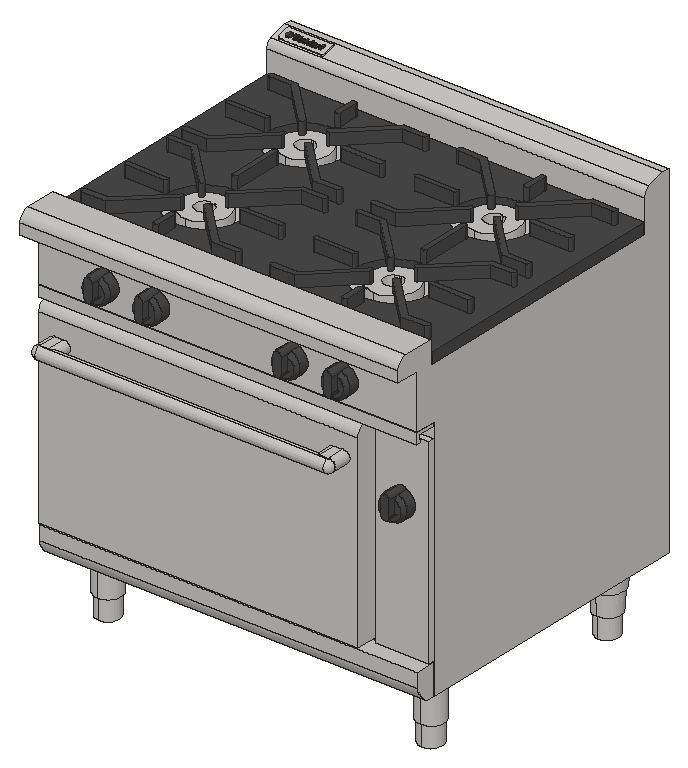
Revit family "QF_MOFFAT WALDORF_RNL8910GC", category Specialty Equipment, Revit 2012
Parameters
  Width = 900 mm
  Weight in Pounds = 215
  Watts = 130 W
  Volts = 240 V
  URL Cutsheet = "www.moffat.com"
  URL = "www.moffat.com"
  Type Mark [instance] = ""
  Status [instance] = ""
  Specification by User [instance] = ""
  Specification by Manufacturer = ""
  Show Logo [instance] = yes
  Show Clearance [instance] = yes
  Serial Number = ""
  Seismic Rating = ""
  SMACNA No = ""
  Revision Code [instance] = ""
  Plumbing Remarks = ""
  Plumbing Connection Type [instance] = ""
  Phase = 1
  Omniclass Number and Title = ""
  Number of Poles [instance] = 1
  NAFEM Spec ID Number = ""
  Model = "RNL8910GC"
  Min Ckt Ampacity = 0 A
  Mechanical Remarks = ""
  Mechanical Connection Type [instance] = ""
  Max Overcurrent Protection = 0 A
  Masterspec = ""
  Manufacturer = "MOFFAT WALDORF"
  Item Number [instance] = ""
  Installed By [instance] = ""
  Identify Quantity as Lot [instance] = yes
  Height = 970 mm
  HP = ""
  Gas Size = 3/4"
  Gas RI Height [instance] = 0 mm
  Gas KW [instance] = 40
  Gas Input [instance] = 134590.0 Btu/h
  Gas Connection Height = 0 mm
  Furnished By [instance] = ""
  Foodservice Equipment Identifier [instance] = yes
  FL Amps = 0.06 A
  Electrical Remarks [instance] = ""
  Electric Connection Type [instance] = ""
  Elec Conn RI Height [instance] = 0 mm
  Elec Conn Connection Height [instance] = 0 mm
  Description = "RANGE LOW SPLASHBACK GAS WITH CONVECTION OVEN"
  Depth = 805 mm
  Cycle = 50 Hz
  Conn Plug = ""
  Conn Conduit = yes
  Cold Water Temperature Recommended = -459.67 °F
  Cold Water Size = 1/2"
  Cold Water RI Height [instance] = 0 mm
  Cold Water Minimum Pressure = 0.00 psi
  Cold Water Maximum Pressure = 0.00 psi
  Cold Water Flow = 0 GPM
  Cold Water Consumption = ""
  Cold Water Connection Height = 0 mm
  CSI MasterFormat = ""
  CSI Master Format = ""
  Body Finish = QF_Finishes_Stainless Steel
  Apparent Power = 0 VA
Reference planes
  plane 1 "BACK": y = 0
  plane 2: z = 0
  plane 3 "LEFT": x = 0
  plane 4 "RIGHT": x = 900
  plane 5 "FRONT": y = -805
  plane 6 "TOP": z = 970
  plane 7 "Center Y": x = 450
  plane 8 "Center X": y = -402.5
  plane 9: x = 280
  plane 10: y = -574.272
  plane 11: x = 60
  plane 12: y = -304.972
  plane 13: y = -364.972
  plane 14: x = 74
  plane 15: y = -805
  plane 16: x = 834.5
  plane 17: y = -32
  plane 18: z = 655
  plane 19: x = 65.8
Forms (mm)
  Extrusion 1, solid, material "QF_Finishes_Stainless Steel" <- "Body Finish"
    sketch origin (0, 0, 0) x (0, 1, 0) y (0, 0, 1)
      loop
        line (0, 150) -> (0, 970) -> (-16.5, 970) -> (-58.709, 958.69)
        arc (-58.709, 958.69) -> (-66.975, 950.425) -> (-70, 939.134) r 22.582
        line (-70, 939.134) -> (-70, 861.8) -> (-709, 861.8) -> (-709, 915) -> (-781, 915)
        arc (-781, 915) -> (-797.971, 907.971) -> (-805, 891) r 24
        line (-805, 891) -> (-805, 866) -> (-749, 866) -> (-749, 736.219) -> (-696.73, 736.219) -> (-696.73, 150) -> (0, 150)
      loop
        line (-700.93, 150.071) -> (-700.93, 222.5) -> (-746.73, 222.5) -> (-746.73, 188)
        arc (-746.73, 188) -> (-731.317, 159.995) -> (-700.93, 150.071) r 43.526
      loop
        line (-749, 710) -> (-740.224, 710) -> (-742.613, 726.999) -> (-700.93, 726.999) -> (-700.93, 734.003) -> (-749, 734.003) -> (-749, 710)
    from 0 to 900
  Extrusion 2, solid, material "QF_Finishes_Stainless Steel"
    sketch origin (0, 0, 0) x (0, 1, 0) y (0, 0, 1)
      loop
        line (-699, 700) -> (-725, 700)
        arc (-725, 700) -> (-741.971, 692.971) -> (-749, 676) r 24
        line (-749, 676) -> (-749, 227.5) -> (-699, 227.5) -> (-699, 700)
    from 0 to 760
  Extrusion 3, solid, material "QF_Finishes_Stainless Steel"
    sketch origin (723.5, 0, 0) x (0, 1, 0) y (0, 0, 1)
      loop
        line (-699, 700) -> (-714, 700) -> (-714, 227.5) -> (-699, 227.5) -> (-699, 700)
    from 51.5 to 176.5
  Revolve 4, solid, material "QF_Finishes_Stainless Steel" <- "Body Finish"
    sketch origin (834.5, -165, 0) x (0, 1, 0) y (0, 0, -1)
      loop
        line (33.25, -50) -> (31.418, -102.468) -> (26.406, -102.468) -> (22.247, -150) -> (65, -150) -> (65, 0) -> (37.5, 0) -> (37.5, -50) -> (33.25, -50)
      axis (65, -150) -> (65, 0)
    angle from 0 to 360
  Revolve 5, solid, material "QF_Finishes_Stainless Steel" <- "Body Finish"
    sketch origin (834.5, -696.126, 0) x (0, 1, 0) y (0, 0, -1)
      loop
        line (39.376, -150) -> (71.126, -150) -> (71.126, 0) -> (43.626, 0) -> (43.626, -50) -> (39.376, -50) -> (39.376, -150)
      axis (71.126, -150) -> (71.126, 0)
    angle from 0 to 360
  Revolve 6, solid, material "QF_Finishes_Stainless Steel" <- "Body Finish"
    sketch origin (65.5, -165, 0) x (0, 1, 0) y (0, 0, 1)
      loop
        line (31.418, 102.468) -> (33.25, 50) -> (37.5, 50) -> (37.5, 0) -> (65, 0) -> (65, 150) -> (22.247, 150) -> (26.406, 102.468) -> (31.418, 102.468)
      axis (65, 150) -> (65, 0)
    angle from 0 to 360
  Revolve 7, solid, material "QF_Finishes_Stainless Steel" <- "Body Finish"
    sketch origin (65.5, -696.126, 0) x (0, 1, 0) y (0, 0, 1)
      loop
        line (39.376, 150) -> (39.376, 50) -> (43.626, 50) -> (43.626, 0) -> (71.126, 0) -> (71.126, 150) -> (39.376, 150)
      axis (71.126, 150) -> (71.126, 0)
    angle from 0 to 360
  Extrusion 8, solid, material "QF_Finishes_Stainless Steel"
    sketch origin (-64.5, 0, 325) x (1, 0, 0) y (0, 1, 0)
      loop
        circle (834.5, -32) r 10
    from 330 to 373.5
  Extrusion 9, solid, material "QF_Finishes_Black"
    sketch origin (0, -70, 861.8) x (0, -1, 0) y (1, 0, 0)
      loop
        arc (1, 4) -> (1.879, 1.879) -> (4, 1) r 3
        line (4, 1) -> (631, 1)
        arc (631, 1) -> (633.121, 1.879) -> (634, 4) r 3
        line (634, 4) -> (634, 897)
        arc (634, 897) -> (633.121, 899.121) -> (631, 900) r 3
        line (631, 900) -> (4, 900)
        arc (4, 900) -> (1.879, 899.121) -> (1, 897) r 3
        line (1, 897) -> (1, 4)
      loop
        circle (167.5, 225.387) r 85
      loop
        circle (467.768, 225.387) r 85
      loop
        circle (167.5, 674.613) r 85
      loop
        circle (467.768, 674.613) r 85
    from 0 to 25
  Extrusion 10, solid, material "QF_Finishes_Black"
    sketch origin (0, -70, 886.8) x (0, -1, 0) y (1, 0, 0)
      loop
        spline (375.602, 218.6) -> (376.896, 218.818) -> (378.102, 219.457) -> (379.138, 220.475) -> (379.932, 221.8) -> (380.432, 223.344) -> (380.602, 225) -> (380.432, 226.656) -> (379.932, 228.2) -> (379.138, 229.525) -> (378.102, 230.543) -> (376.896, 231.182) -> (375.602, 231.4)
        line (375.602, 231.4) -> (259.398, 231.4)
        spline (259.398, 231.4) -> (258.104, 231.182) -> (256.898, 230.543) -> (255.862, 229.525) -> (255.068, 228.2) -> (254.568, 226.656) -> (254.398, 225) -> (254.568, 223.344) -> (255.068, 221.8) -> (255.862, 220.475) -> (256.898, 219.457) -> (258.104, 218.818) -> (259.398, 218.6)
        line (259.398, 218.6) -> (375.602, 218.6)
      loop
        line (302.399, 350.848) -> (302.399, 408.117)
        arc (302.399, 408.117) -> (295.999, 414.517) -> (289.599, 408.117) r 6.4
        line (289.599, 408.117) -> (289.599, 356.15) -> (194.424, 260.975)
        spline (194.424, 260.975) -> (193.663, 259.905) -> (193.262, 258.601) -> (193.249, 257.149) -> (193.625, 255.65) -> (194.363, 254.205) -> (195.414, 252.914) -> (196.705, 251.863) -> (198.15, 251.125) -> (199.649, 250.749) -> (201.101, 250.762) -> (202.405, 251.163) -> (203.475, 251.924)
        line (203.475, 251.924) -> (302.399, 350.848)
      loop
        spline (161.1, 316.898) -> (161.318, 315.604) -> (161.957, 314.398) -> (162.975, 313.362) -> (164.3, 312.568) -> (165.844, 312.068) -> (167.5, 311.898) -> (169.156, 312.068) -> (170.7, 312.568) -> (172.025, 313.362) -> (173.043, 314.398) -> (173.682, 315.604) -> (173.9, 316.898)
        line (173.9, 316.898) -> (173.9, 408.102)
        spline (173.9, 408.102) -> (173.682, 409.396) -> (173.043, 410.602) -> (172.025, 411.638) -> (170.7, 412.432) -> (169.156, 412.932) -> (167.5, 413.102) -> (165.844, 412.932) -> (164.3, 412.432) -> (162.975, 411.638) -> (161.957, 410.602) -> (161.318, 409.396) -> (161.1, 408.102)
        line (161.1, 408.102) -> (161.1, 316.898)
      loop
        line (161.1, 133.102) -> (161.1, 41.898)
        spline (161.1, 41.898) -> (161.318, 40.604) -> (161.957, 39.398) -> (162.975, 38.362) -> (164.3, 37.568) -> (165.844, 37.068) -> (167.5, 36.898) -> (169.156, 37.068) -> (170.7, 37.568) -> (172.025, 38.362) -> (173.043, 39.398) -> (173.682, 40.604) -> (173.9, 41.898)
        line (173.9, 41.898) -> (173.9, 133.102)
        spline (173.9, 133.102) -> (173.682, 134.396) -> (173.043, 135.602) -> (172.025, 136.638) -> (170.7, 137.432) -> (169.156, 137.932) -> (167.5, 138.102) -> (165.844, 137.932) -> (164.3, 137.432) -> (162.975, 136.638) -> (161.957, 135.602) -> (161.318, 134.396) -> (161.1, 133.102)
      loop
        line (302.399, 99.152) -> (203.475, 198.076)
        spline (203.475, 198.076) -> (202.405, 198.837) -> (201.101, 199.238) -> (199.649, 199.251) -> (198.15, 198.875) -> (196.705, 198.137) -> (195.414, 197.086) -> (194.363, 195.795) -> (193.625, 194.35) -> (193.249, 192.851) -> (193.262, 191.399) -> (193.663, 190.095) -> (194.424, 189.025)
        line (194.424, 189.025) -> (289.599, 93.85) -> (289.599, 41.883)
        arc (289.599, 41.883) -> (295.999, 35.483) -> (302.399, 41.883) r 6.4
        line (302.399, 41.883) -> (302.399, 99.152)
      loop
        line (32.601, 350.848) -> (131.525, 251.924)
        spline (131.525, 251.924) -> (132.595, 251.163) -> (133.899, 250.762) -> (135.351, 250.749) -> (136.85, 251.125) -> (138.295, 251.863) -> (139.586, 252.914) -> (140.637, 254.205) -> (141.375, 255.65) -> (141.751, 257.149) -> (141.738, 258.601) -> (141.337, 259.905) -> (140.576, 260.975)
        line (140.576, 260.975) -> (45.401, 356.15) -> (45.401, 408.117)
        arc (45.401, 408.117) -> (39.001, 414.517) -> (32.601, 408.117) r 6.4
        line (32.601, 408.117) -> (32.601, 350.848)
      loop
        line (32.601, 99.152) -> (32.601, 41.883)
        arc (32.601, 41.883) -> (39.001, 35.483) -> (45.401, 41.883) r 6.4
        line (45.401, 41.883) -> (45.401, 93.85) -> (140.576, 189.025)
        spline (140.576, 189.025) -> (141.337, 190.095) -> (141.738, 191.399) -> (141.751, 192.851) -> (141.375, 194.35) -> (140.637, 195.795) -> (139.586, 197.086) -> (138.295, 198.137) -> (136.85, 198.875) -> (135.351, 199.251) -> (133.899, 199.238) -> (132.595, 198.837) -> (131.525, 198.076)
        line (131.525, 198.076) -> (32.601, 99.152)
      loop
        spline (70.602, 218.6) -> (71.896, 218.818) -> (73.102, 219.457) -> (74.138, 220.475) -> (74.932, 221.8) -> (75.432, 223.344) -> (75.602, 225) -> (75.432, 226.656) -> (74.932, 228.2) -> (74.138, 229.525) -> (73.102, 230.543) -> (71.896, 231.182) -> (70.602, 231.4)
        line (70.602, 231.4) -> (24.398, 231.4)
        spline (24.398, 231.4) -> (23.104, 231.182) -> (21.898, 230.543) -> (20.862, 229.525) -> (20.068, 228.2) -> (19.568, 226.656) -> (19.398, 225) -> (19.568, 223.344) -> (20.068, 221.8) -> (20.862, 220.475) -> (21.898, 219.457) -> (23.104, 218.818) -> (24.398, 218.6)
        line (24.398, 218.6) -> (70.602, 218.6)
      loop
        line (332.601, 350.848) -> (431.525, 251.924)
        spline (431.525, 251.924) -> (432.595, 251.163) -> (433.899, 250.762) -> (435.351, 250.749) -> (436.85, 251.125) -> (438.295, 251.863) -> (439.586, 252.914) -> (440.637, 254.205) -> (441.375, 255.65) -> (441.751, 257.149) -> (441.738, 258.601) -> (441.337, 259.905) -> (440.576, 260.975)
        line (440.576, 260.975) -> (345.401, 356.15) -> (345.401, 408.117)
        arc (345.401, 408.117) -> (339.001, 414.517) -> (332.601, 408.117) r 6.4
        line (332.601, 408.117) -> (332.601, 350.848)
      loop
        line (473.9, 316.898) -> (473.9, 408.102)
        spline (473.9, 408.102) -> (473.682, 409.396) -> (473.043, 410.602) -> (472.025, 411.638) -> (470.7, 412.432) -> (469.156, 412.932) -> (467.5, 413.102) -> (465.844, 412.932) -> (464.3, 412.432) -> (462.975, 411.638) -> (461.957, 410.602) -> (461.318, 409.396) -> (461.1, 408.102)
        line (461.1, 408.102) -> (461.1, 316.898)
        spline (461.1, 316.898) -> (461.318, 315.604) -> (461.957, 314.398) -> (462.975, 313.362) -> (464.3, 312.568) -> (465.844, 312.068) -> (467.5, 311.898) -> (469.156, 312.068) -> (470.7, 312.568) -> (472.025, 313.362) -> (473.043, 314.398) -> (473.682, 315.604) -> (473.9, 316.898)
      loop
        spline (473.9, 133.102) -> (473.682, 134.396) -> (473.043, 135.602) -> (472.025, 136.638) -> (470.7, 137.432) -> (469.156, 137.932) -> (467.5, 138.102) -> (465.844, 137.932) -> (464.3, 137.432) -> (462.975, 136.638) -> (461.957, 135.602) -> (461.318, 134.396) -> (461.1, 133.102)
        line (461.1, 133.102) -> (461.1, 41.898)
        spline (461.1, 41.898) -> (461.318, 40.604) -> (461.957, 39.398) -> (462.975, 38.362) -> (464.3, 37.568) -> (465.844, 37.068) -> (467.5, 36.898) -> (469.156, 37.068) -> (470.7, 37.568) -> (472.025, 38.362) -> (473.043, 39.398) -> (473.682, 40.604) -> (473.9, 41.898)
        line (473.9, 41.898) -> (473.9, 133.102)
      loop
        line (332.601, 99.152) -> (332.601, 41.883)
        arc (332.601, 41.883) -> (339.001, 35.483) -> (345.401, 41.883) r 6.4
        line (345.401, 41.883) -> (345.401, 93.85) -> (440.576, 189.025)
        spline (440.576, 189.025) -> (441.337, 190.095) -> (441.738, 191.399) -> (441.751, 192.851) -> (441.375, 194.35) -> (440.637, 195.795) -> (439.586, 197.086) -> (438.295, 198.137) -> (436.85, 198.875) -> (435.351, 199.251) -> (433.899, 199.238) -> (432.595, 198.837) -> (431.525, 198.076)
        line (431.525, 198.076) -> (332.601, 99.152)
      loop
        line (602.399, 350.848) -> (602.399, 408.117)
        arc (602.399, 408.117) -> (595.999, 414.517) -> (589.599, 408.117) r 6.4
        line (589.599, 408.117) -> (589.599, 356.15) -> (494.424, 260.975)
        spline (494.424, 260.975) -> (493.663, 259.905) -> (493.262, 258.601) -> (493.249, 257.149) -> (493.625, 255.65) -> (494.363, 254.205) -> (495.414, 252.914) -> (496.705, 251.863) -> (498.15, 251.125) -> (499.649, 250.749) -> (501.101, 250.762) -> (502.405, 251.163) -> (503.475, 251.924)
        line (503.475, 251.924) -> (602.399, 350.848)
      loop
        line (602.399, 99.152) -> (503.475, 198.076)
        spline (503.475, 198.076) -> (502.405, 198.837) -> (501.101, 199.238) -> (499.649, 199.251) -> (498.15, 198.875) -> (496.705, 198.137) -> (495.414, 197.086) -> (494.363, 195.795) -> (493.625, 194.35) -> (493.249, 192.851) -> (493.262, 191.399) -> (493.663, 190.095) -> (494.424, 189.025)
        line (494.424, 189.025) -> (589.599, 93.85) -> (589.599, 41.883)
        arc (589.599, 41.883) -> (595.999, 35.483) -> (602.399, 41.883) r 6.4
        line (602.399, 41.883) -> (602.399, 99.152)
      loop
        line (564.398, 218.6) -> (610.602, 218.6)
        spline (610.602, 218.6) -> (611.896, 218.818) -> (613.102, 219.457) -> (614.138, 220.475) -> (614.932, 221.8) -> (615.432, 223.344) -> (615.602, 225) -> (615.432, 226.656) -> (614.932, 228.2) -> (614.138, 229.525) -> (613.102, 230.543) -> (611.896, 231.182) -> (610.602, 231.4)
        line (610.602, 231.4) -> (564.398, 231.4)
        spline (564.398, 231.4) -> (563.104, 231.182) -> (561.898, 230.543) -> (560.862, 229.525) -> (560.068, 228.2) -> (559.568, 226.656) -> (559.398, 225) -> (559.568, 223.344) -> (560.068, 221.8) -> (560.862, 220.475) -> (561.898, 219.457) -> (563.104, 218.818) -> (564.398, 218.6)
      loop
        line (375.602, 681.4) -> (259.398, 681.4)
        spline (259.398, 681.4) -> (258.104, 681.182) -> (256.898, 680.543) -> (255.862, 679.525) -> (255.068, 678.2) -> (254.568, 676.656) -> (254.398, 675) -> (254.568, 673.344) -> (255.068, 671.8) -> (255.862, 670.475) -> (256.898, 669.457) -> (258.104, 668.818) -> (259.398, 668.6)
        line (259.398, 668.6) -> (375.602, 668.6)
        spline (375.602, 668.6) -> (376.896, 668.818) -> (378.102, 669.457) -> (379.138, 670.475) -> (379.932, 671.8) -> (380.432, 673.344) -> (380.602, 675) -> (380.432, 676.656) -> (379.932, 678.2) -> (379.138, 679.525) -> (378.102, 680.543) -> (376.896, 681.182) -> (375.602, 681.4)
      loop
        line (302.399, 549.152) -> (203.475, 648.076)
        spline (203.475, 648.076) -> (202.405, 648.837) -> (201.101, 649.238) -> (199.649, 649.251) -> (198.15, 648.875) -> (196.705, 648.137) -> (195.414, 647.086) -> (194.363, 645.795) -> (193.625, 644.35) -> (193.249, 642.851) -> (193.262, 641.399) -> (193.663, 640.095) -> (194.424, 639.025)
        line (194.424, 639.025) -> (289.599, 543.85) -> (289.599, 491.883)
        arc (289.599, 491.883) -> (295.999, 485.483) -> (302.399, 491.883) r 6.4
        line (302.399, 491.883) -> (302.399, 549.152)
      loop
        line (161.1, 583.102) -> (161.1, 491.898)
        spline (161.1, 491.898) -> (161.318, 490.604) -> (161.957, 489.398) -> (162.975, 488.362) -> (164.3, 487.568) -> (165.844, 487.068) -> (167.5, 486.898) -> (169.156, 487.068) -> (170.7, 487.568) -> (172.025, 488.362) -> (173.043, 489.398) -> (173.682, 490.604) -> (173.9, 491.898)
        line (173.9, 491.898) -> (173.9, 583.102)
        spline (173.9, 583.102) -> (173.682, 584.396) -> (173.043, 585.602) -> (172.025, 586.638) -> (170.7, 587.432) -> (169.156, 587.932) -> (167.5, 588.102) -> (165.844, 587.932) -> (164.3, 587.432) -> (162.975, 586.638) -> (161.957, 585.602) -> (161.318, 584.396) -> (161.1, 583.102)
      loop
        spline (161.1, 766.898) -> (161.318, 765.604) -> (161.957, 764.398) -> (162.975, 763.362) -> (164.3, 762.568) -> (165.844, 762.068) -> (167.5, 761.898) -> (169.156, 762.068) -> (170.7, 762.568) -> (172.025, 763.362) -> (173.043, 764.398) -> (173.682, 765.604) -> (173.9, 766.898)
        line (173.9, 766.898) -> (173.9, 858.102)
        spline (173.9, 858.102) -> (173.682, 859.396) -> (173.043, 860.602) -> (172.025, 861.638) -> (170.7, 862.432) -> (169.156, 862.932) -> (167.5, 863.102) -> (165.844, 862.932) -> (164.3, 862.432) -> (162.975, 861.638) -> (161.957, 860.602) -> (161.318, 859.396) -> (161.1, 858.102)
        line (161.1, 858.102) -> (161.1, 766.898)
      loop
        line (302.399, 800.848) -> (302.399, 858.117)
        arc (302.399, 858.117) -> (295.999, 864.517) -> (289.599, 858.117) r 6.4
        line (289.599, 858.117) -> (289.599, 806.15) -> (194.424, 710.975)
        spline (194.424, 710.975) -> (193.663, 709.905) -> (193.262, 708.601) -> (193.249, 707.149) -> (193.625, 705.65) -> (194.363, 704.205) -> (195.414, 702.914) -> (196.705, 701.863) -> (198.15, 701.125) -> (199.649, 700.749) -> (201.101, 700.762) -> (202.405, 701.163) -> (203.475, 701.924)
        line (203.475, 701.924) -> (302.399, 800.848)
      loop
        line (32.601, 549.152) -> (32.601, 491.883)
        arc (32.601, 491.883) -> (39.001, 485.483) -> (45.401, 491.883) r 6.4
        line (45.401, 491.883) -> (45.401, 543.85) -> (140.576, 639.025)
        spline (140.576, 639.025) -> (141.337, 640.095) -> (141.738, 641.399) -> (141.751, 642.851) -> (141.375, 644.35) -> (140.637, 645.795) -> (139.586, 647.086) -> (138.295, 648.137) -> (136.85, 648.875) -> (135.351, 649.251) -> (133.899, 649.238) -> (132.595, 648.837) -> (131.525, 648.076)
        line (131.525, 648.076) -> (32.601, 549.152)
      loop
        line (32.601, 800.848) -> (131.525, 701.924)
        spline (131.525, 701.924) -> (132.595, 701.163) -> (133.899, 700.762) -> (135.351, 700.749) -> (136.85, 701.125) -> (138.295, 701.863) -> (139.586, 702.914) -> (140.637, 704.205) -> (141.375, 705.65) -> (141.751, 707.149) -> (141.738, 708.601) -> (141.337, 709.905) -> (140.576, 710.975)
        line (140.576, 710.975) -> (45.401, 806.15) -> (45.401, 858.117)
        arc (45.401, 858.117) -> (39.001, 864.517) -> (32.601, 858.117) r 6.4
        line (32.601, 858.117) -> (32.601, 800.848)
      loop
        line (70.602, 681.4) -> (24.398, 681.4)
        spline (24.398, 681.4) -> (23.104, 681.182) -> (21.898, 680.543) -> (20.862, 679.525) -> (20.068, 678.2) -> (19.568, 676.656) -> (19.398, 675) -> (19.568, 673.344) -> (20.068, 671.8) -> (20.862, 670.475) -> (21.898, 669.457) -> (23.104, 668.818) -> (24.398, 668.6)
        line (24.398, 668.6) -> (70.602, 668.6)
        spline (70.602, 668.6) -> (71.896, 668.818) -> (73.102, 669.457) -> (74.138, 670.475) -> (74.932, 671.8) -> (75.432, 673.344) -> (75.602, 675) -> (75.432, 676.656) -> (74.932, 678.2) -> (74.138, 679.525) -> (73.102, 680.543) -> (71.896, 681.182) -> (70.602, 681.4)
      loop
        line (332.601, 549.152) -> (332.601, 491.883)
        arc (332.601, 491.883) -> (339.001, 485.483) -> (345.401, 491.883) r 6.4
        line (345.401, 491.883) -> (345.401, 543.85) -> (440.576, 639.025)
        spline (440.576, 639.025) -> (441.337, 640.095) -> (441.738, 641.399) -> (441.751, 642.851) -> (441.375, 644.35) -> (440.637, 645.795) -> (439.586, 647.086) -> (438.295, 648.137) -> (436.85, 648.875) -> (435.351, 649.251) -> (433.899, 649.238) -> (432.595, 648.837) -> (431.525, 648.076)
        line (431.525, 648.076) -> (332.601, 549.152)
      loop
        spline (473.9, 583.102) -> (473.682, 584.396) -> (473.043, 585.602) -> (472.025, 586.638) -> (470.7, 587.432) -> (469.156, 587.932) -> (467.5, 588.102) -> (465.844, 587.932) -> (464.3, 587.432) -> (462.975, 586.638) -> (461.957, 585.602) -> (461.318, 584.396) -> (461.1, 583.102)
        line (461.1, 583.102) -> (461.1, 491.898)
        spline (461.1, 491.898) -> (461.318, 490.604) -> (461.957, 489.398) -> (462.975, 488.362) -> (464.3, 487.568) -> (465.844, 487.068) -> (467.5, 486.898) -> (469.156, 487.068) -> (470.7, 487.568) -> (472.025, 488.362) -> (473.043, 489.398) -> (473.682, 490.604) -> (473.9, 491.898)
        line (473.9, 491.898) -> (473.9, 583.102)
      loop
        line (473.9, 766.898) -> (473.9, 858.102)
        spline (473.9, 858.102) -> (473.682, 859.396) -> (473.043, 860.602) -> (472.025, 861.638) -> (470.7, 862.432) -> (469.156, 862.932) -> (467.5, 863.102) -> (465.844, 862.932) -> (464.3, 862.432) -> (462.975, 861.638) -> (461.957, 860.602) -> (461.318, 859.396) -> (461.1, 858.102)
        line (461.1, 858.102) -> (461.1, 766.898)
        spline (461.1, 766.898) -> (461.318, 765.604) -> (461.957, 764.398) -> (462.975, 763.362) -> (464.3, 762.568) -> (465.844, 762.068) -> (467.5, 761.898) -> (469.156, 762.068) -> (470.7, 762.568) -> (472.025, 763.362) -> (473.043, 764.398) -> (473.682, 765.604) -> (473.9, 766.898)
      loop
        line (332.601, 800.848) -> (431.525, 701.924)
        spline (431.525, 701.924) -> (432.595, 701.163) -> (433.899, 700.762) -> (435.351, 700.749) -> (436.85, 701.125) -> (438.295, 701.863) -> (439.586, 702.914) -> (440.637, 704.205) -> (441.375, 705.65) -> (441.751, 707.149) -> (441.738, 708.601) -> (441.337, 709.905) -> (440.576, 710.975)
        line (440.576, 710.975) -> (345.401, 806.15) -> (345.401, 858.117)
        arc (345.401, 858.117) -> (339.001, 864.517) -> (332.601, 858.117) r 6.4
        line (332.601, 858.117) -> (332.601, 800.848)
      loop
        line (602.399, 549.152) -> (503.475, 648.076)
        spline (503.475, 648.076) -> (502.405, 648.837) -> (501.101, 649.238) -> (499.649, 649.251) -> (498.15, 648.875) -> (496.705, 648.137) -> (495.414, 647.086) -> (494.363, 645.795) -> (493.625, 644.35) -> (493.249, 642.851) -> (493.262, 641.399) -> (493.663, 640.095) -> (494.424, 639.025)
        line (494.424, 639.025) -> (589.599, 543.85) -> (589.599, 491.883)
        arc (589.599, 491.883) -> (595.999, 485.483) -> (602.399, 491.883) r 6.4
        line (602.399, 491.883) -> (602.399, 549.152)
      loop
        line (602.399, 800.848) -> (602.399, 858.117)
        arc (602.399, 858.117) -> (595.999, 864.517) -> (589.599, 858.117) r 6.4
        line (589.599, 858.117) -> (589.599, 806.15) -> (494.424, 710.975)
        spline (494.424, 710.975) -> (493.663, 709.905) -> (493.262, 708.601) -> (493.249, 707.149) -> (493.625, 705.65) -> (494.363, 704.205) -> (495.414, 702.914) -> (496.705, 701.863) -> (498.15, 701.125) -> (499.649, 700.749) -> (501.101, 700.762) -> (502.405, 701.163) -> (503.475, 701.924)
        line (503.475, 701.924) -> (602.399, 800.848)
      loop
        spline (564.398, 681.4) -> (563.104, 681.182) -> (561.898, 680.543) -> (560.862, 679.525) -> (560.068, 678.2) -> (559.568, 676.656) -> (559.398, 675) -> (559.568, 673.344) -> (560.068, 671.8) -> (560.862, 670.475) -> (561.898, 669.457) -> (563.104, 668.818) -> (564.398, 668.6)
        line (564.398, 668.6) -> (610.602, 668.6)
        spline (610.602, 668.6) -> (611.896, 668.818) -> (613.102, 669.457) -> (614.138, 670.475) -> (614.932, 671.8) -> (615.432, 673.344) -> (615.602, 675) -> (615.432, 676.656) -> (614.932, 678.2) -> (614.138, 679.525) -> (613.102, 680.543) -> (611.896, 681.182) -> (610.602, 681.4)
        line (610.602, 681.4) -> (564.398, 681.4)
    from 0 to 28.2
  Extrusion 11, solid, material "QF_Finishes_Stainless Steel"
    sketch origin (0, -737.874, 150) x (1, 0, 0) y (0, -1, 0)
      loop
        circle (826.5, -237.602) r 10
    from 0 to 4
  Extrusion 12, solid, material "QF_Door-Drawer Clearances", visible <- "Show Clearance", detail levels coarse
    sketch origin (0, 0, 0) x (0, -1, 0) y (0, 0, 1)
      loop
        line (749, 697.347) -> (749, 227.5) -> (1218.847, 227.5)
        arc (1218.847, 227.5) -> (1081.232, 559.732) -> (749, 697.347) r 469.847
    from 0 to -760
  Extrusion 13, void
    sketch origin (0, 0, 222.5) x (1, 0, 0) y (0, 1, 0)
      loop
        line (824, -87) -> (824, 0) -> (694, 0) -> (694, -39) -> (744, -87) -> (824, -87)
    from 0 to 476
  Revolve 14, solid, material "QF_Finishes_Black"
    sketch origin (734.351, 38.874, -0.118) x (0, 1, 0) y (0, 0, 1)
      loop
        line (-820.874, 829.5) -> (-831.874, 823.651) -> (-831.874, 797) -> (-787.874, 797) -> (-787.874, 802) -> (-797.874, 802) -> (-797.874, 829.5) -> (-820.874, 829.5)
      axis (-831.874, 797) -> (-787.874, 797)
    angle from 0 to 360
  Revolve 15, solid, material "QF_Finishes_Black"
    sketch origin (165.024, 38.874, -0.118) x (0, 1, 0) y (0, 0, -1)
      loop
        line (-820.874, -829.5) -> (-797.874, -829.5) -> (-797.874, -802) -> (-787.874, -802) -> (-787.874, -797) -> (-831.874, -797) -> (-831.874, -823.651) -> (-820.874, -829.5)
      axis (-831.874, -797) -> (-787.874, -797)
    angle from 0 to 360
  Revolve 16, solid, material "QF_Finishes_Black"
    sketch origin (285.625, 38.874, -0.118) x (0, 1, 0) y (0, 0, -1)
      loop
        line (-820.874, -829.5) -> (-797.874, -829.5) -> (-797.874, -802) -> (-787.874, -802) -> (-787.874, -797) -> (-831.874, -797) -> (-831.874, -823.651) -> (-820.874, -829.5)
      axis (-831.874, -797) -> (-787.874, -797)
    angle from 0 to 360
  Revolve 17, solid, material "QF_Finishes_Black"
    sketch origin (615.625, 38.874, -0.118) x (0, 1, 0) y (0, 0, -1)
      loop
        line (-820.874, -829.5) -> (-797.874, -829.5) -> (-797.874, -802) -> (-787.874, -802) -> (-787.874, -797) -> (-831.874, -797) -> (-831.874, -823.651) -> (-820.874, -829.5)
      axis (-831.874, -797) -> (-787.874, -797)
    angle from 0 to 360
  Extrusion 18, solid, material "QF_Finishes_Black"
    sketch origin (586.544, 0, -0.118) x (1, 0, 0) y (0, 0, 1)
      loop
        line (158.3, 789) -> (158.3, 824)
        arc (158.3, 824) -> (148.3, 834) -> (138.3, 824) r 10
        line (138.3, 824) -> (138.3, 789)
        arc (138.3, 789) -> (148.3, 779) -> (158.3, 789) r 10
    from 759 to 808
  Extrusion 19, solid, material "QF_Finishes_Black"
    sketch origin (312.831, 0, -0.118) x (-1, 0, 0) y (0, 0, -1)
      loop
        arc (158.3, -789) -> (148.3, -779) -> (138.3, -789) r 10
        line (138.3, -789) -> (138.3, -824)
        arc (138.3, -824) -> (148.3, -834) -> (158.3, -824) r 10
        line (158.3, -824) -> (158.3, -789)
    from 759 to 808
  Extrusion 20, solid, material "QF_Finishes_Black"
    sketch origin (433.432, 0, -0.118) x (-1, 0, 0) y (0, 0, -1)
      loop
        arc (158.3, -789) -> (148.3, -779) -> (138.3, -789) r 10
        line (138.3, -789) -> (138.3, -824)
        arc (138.3, -824) -> (148.3, -834) -> (158.3, -824) r 10
        line (158.3, -824) -> (158.3, -789)
    from 759 to 808
  Extrusion 21, solid, material "QF_Finishes_Black"
    sketch origin (763.432, 0, -0.118) x (-1, 0, 0) y (0, 0, -1)
      loop
        arc (158.3, -789) -> (148.3, -779) -> (138.3, -789) r 10
        line (138.3, -789) -> (138.3, -824)
        arc (138.3, -824) -> (148.3, -834) -> (158.3, -824) r 10
        line (158.3, -824) -> (158.3, -789)
    from 759 to 808
  Revolve 22, solid, material "QF_Finishes_Black"
    sketch origin (836.851, 81.268, -245.75) x (0, 1, 0) y (0, 0, 1)
      loop
        line (-820.874, 829.5) -> (-831.874, 823.651) -> (-831.874, 797) -> (-787.874, 797) -> (-787.874, 802) -> (-797.874, 802) -> (-797.874, 829.5) -> (-820.874, 829.5)
      axis (-831.874, 797) -> (-787.874, 797)
    angle from 0 to 360
  Extrusion 23, solid, material "QF_Finishes_Black"
    sketch origin (689.044, 42.394, -245.75) x (1, 0, 0) y (0, 0, 1)
      loop
        line (158.3, 789) -> (158.3, 824)
        arc (158.3, 824) -> (148.3, 834) -> (138.3, 824) r 10
        line (138.3, 824) -> (138.3, 789)
        arc (138.3, 789) -> (148.3, 779) -> (158.3, 789) r 10
    from 759 to 808
  Extrusion 24, solid, material "QF_Finishes_Stainless Steel"
    sketch origin (0, -749, 227.5) x (0, 0, 1) y (-1, 0, 0)
      loop
        line (380.625, -38.246) -> (380.625, -58.528)
        arc (380.625, -58.528) -> (395.625, -73.528) -> (410.625, -58.528) r 15
        line (410.625, -58.528) -> (410.625, -38.246)
        arc (410.625, -38.246) -> (395.625, -23.246) -> (380.625, -38.246) r 15
      loop
        arc (380.625, -724.289) -> (395.625, -739.289) -> (410.625, -724.289) r 15
        line (410.625, -724.289) -> (410.625, -704.007)
        arc (410.625, -704.007) -> (395.625, -689.007) -> (380.625, -704.007) r 15
        line (380.625, -704.007) -> (380.625, -724.289)
    from 0 to 44
  Revolve 25, solid, material "QF_Finishes_Stainless Steel"
    sketch origin (0, -793, 0) x (1, 0, 0) y (0, 0, 1)
      loop
        arc (739.289, 623.125) -> (734.896, 633.732) -> (724.289, 638.125) r 15
        line (724.289, 638.125) -> (38.246, 638.125)
        arc (38.246, 638.125) -> (27.64, 633.732) -> (23.246, 623.125) r 15
        line (23.246, 623.125) -> (739.289, 623.125)
      axis (739.289, 623.125) -> (23.246, 623.125)
    angle from 0 to 360
  Extrusion 26, solid, material "QF_Finishes_Stainless Steel"
    sketch origin (0, -70, 861.8) x (0, -1, 0) y (1, 0, 0)
      loop
        circle (467.5, 225.387) r 57
      loop
        circle (167.5, 225.387) r 57
      loop
        circle (467.5, 674.613) r 57
      loop
        circle (167.5, 674.613) r 57
      loop
        circle (167.5, 225.387) r 22
      loop
        circle (167.5, 674.613) r 22
      loop
        circle (467.5, 674.613) r 22
      loop
        circle (467.5, 225.387) r 22
    from 0 to 25
Cuts and joins
  Extrusion 13 cuts Extrusion 1
Lines and regions (mm)
  Split face 1
    outline origin (0, -16.5, 970) x (0, -0.965926, -0.258819) y (1, 0, 0)
      loop
        line (1.962, 129.583) -> (34.599, 129.583) -> (34.599, 149.583) -> (1.962, 149.583) -> (1.962, 129.583)
  Split face 2
    outline origin (0, -16.5, 970) x (0, -0.965926, -0.258819) y (1, 0, 0)
      loop
        line (34.599, 156.5) -> (34.599, 176.5) -> (1.962, 176.5) -> (1.962, 156.5) -> (34.599, 156.5)
  Split face 3
    outline origin (0, -16.5, 970) x (0, -0.965926, -0.258819) y (1, 0, 0)
      loop
        line (34.599, 203.5) -> (1.962, 203.5) -> (1.962, 183.5) -> (34.599, 183.5) -> (34.599, 203.5)
  Split face 4
    outline origin (0, -16.5, 970) x (0, -0.965926, -0.258819) y (1, 0, 0)
      loop
        line (34.599, 230.5) -> (1.962, 230.5) -> (1.962, 210.5) -> (34.599, 210.5) -> (34.599, 230.5)
  Split face 5
    outline origin (0, -16.5, 970) x (0, -0.965926, -0.258819) y (1, 0, 0)
      loop
        line (34.599, 257.5) -> (1.962, 257.5) -> (1.962, 237.5) -> (34.599, 237.5) -> (34.599, 257.5)
  Split face 6
    outline origin (0, -16.5, 970) x (0, -0.965926, -0.258819) y (1, 0, 0)
      loop
        line (34.599, 264.5) -> (34.599, 284.5) -> (1.962, 284.5) -> (1.962, 264.5) -> (34.599, 264.5)
  Split face 7
    outline origin (0, -16.5, 970) x (0, -0.965926, -0.258819) y (1, 0, 0)
      loop
        line (34.599, 311.5) -> (1.962, 311.5) -> (1.962, 291.5) -> (34.599, 291.5) -> (34.599, 311.5)
  Split face 8
    outline origin (0, -16.5, 970) x (0, -0.965926, -0.258819) y (1, 0, 0)
      loop
        line (1.962, 638.5) -> (1.962, 618.5) -> (34.599, 618.5) -> (34.599, 638.5) -> (1.962, 638.5)
  Split face 9
    outline origin (0, -16.5, 970) x (0, -0.965926, -0.258819) y (1, 0, 0)
      loop
        line (1.962, 645.5) -> (34.599, 645.5) -> (34.599, 665.5) -> (1.962, 665.5) -> (1.962, 645.5)
  Split face 10
    outline origin (0, -16.5, 970) x (0, -0.965926, -0.258819) y (1, 0, 0)
      loop
        line (34.599, 672.5) -> (34.599, 692.5) -> (1.962, 692.5) -> (1.962, 672.5) -> (34.599, 672.5)
  Split face 11
    outline origin (0, -16.5, 970) x (0, -0.965926, -0.258819) y (1, 0, 0)
      loop
        line (34.599, 699.5) -> (34.599, 719.5) -> (1.962, 719.5) -> (1.962, 699.5) -> (34.599, 699.5)
  Split face 12
    outline origin (0, -16.5, 970) x (0, -0.965926, -0.258819) y (1, 0, 0)
      loop
        line (34.599, 726.5) -> (34.599, 746.5) -> (1.962, 746.5) -> (1.962, 726.5) -> (34.599, 726.5)
  Split face 13
    outline origin (0, -16.5, 970) x (0, -0.965926, -0.258819) y (1, 0, 0)
      loop
        line (1.962, 753.5) -> (34.599, 753.5) -> (34.599, 773.5) -> (1.962, 773.5) -> (1.962, 753.5)
  Split face 14
    outline origin (29.312, -16.5, 970) x (0, -0.965926, -0.258819) y (1, 0, 0)
      loop
        line (34.599, 311.5) -> (1.962, 311.5) -> (1.962, 291.5) -> (34.599, 291.5) -> (34.599, 311.5)
  Split face 15
    outline origin (58.539, -16.5, 970) x (0, -0.965926, -0.258819) y (1, 0, 0)
      loop
        line (34.599, 311.5) -> (1.962, 311.5) -> (1.962, 291.5) -> (34.599, 291.5) -> (34.599, 311.5)
  Split face 16
    outline origin (85.538, -16.5, 970) x (0, -0.965926, -0.258819) y (1, 0, 0)
      loop
        line (34.599, 311.5) -> (1.962, 311.5) -> (1.962, 291.5) -> (34.599, 291.5) -> (34.599, 311.5)
  Split face 17
    outline origin (111.014, -16.5, 970) x (0, -0.965926, -0.258819) y (1, 0, 0)
      loop
        line (34.599, 311.5) -> (1.962, 311.5) -> (1.962, 291.5) -> (34.599, 291.5) -> (34.599, 311.5)
  Split face 18
    outline origin (137.462, -16.5, 970) x (0, -0.965926, -0.258819) y (1, 0, 0)
      loop
        line (34.599, 311.5) -> (1.962, 311.5) -> (1.962, 291.5) -> (34.599, 291.5) -> (34.599, 311.5)
  Split face 19
    outline origin (163.546, -16.5, 970) x (0, -0.965926, -0.258819) y (1, 0, 0)
      loop
        line (34.599, 311.5) -> (1.962, 311.5) -> (1.962, 291.5) -> (34.599, 291.5) -> (34.599, 311.5)
  Split face 20
    outline origin (189.443, -16.5, 970) x (0, -0.965926, -0.258819) y (1, 0, 0)
      loop
        line (34.599, 311.5) -> (1.962, 311.5) -> (1.962, 291.5) -> (34.599, 291.5) -> (34.599, 311.5)
  Split face 21
    outline origin (215.891, -16.5, 970) x (0, -0.965926, -0.258819) y (1, 0, 0)
      loop
        line (34.599, 311.5) -> (1.962, 311.5) -> (1.962, 291.5) -> (34.599, 291.5) -> (34.599, 311.5)
  Split face 22
    outline origin (246.196, -16.5, 970) x (0, -0.965926, -0.258819) y (1, 0, 0)
      loop
        line (34.599, 311.5) -> (1.962, 311.5) -> (1.962, 291.5) -> (34.599, 291.5) -> (34.599, 311.5)
  Split face 23
    outline origin (274.297, -16.5, 970) x (0, -0.965926, -0.258819) y (1, 0, 0)
      loop
        line (34.599, 311.5) -> (1.962, 311.5) -> (1.962, 291.5) -> (34.599, 291.5) -> (34.599, 311.5)
  Split face 24
    outline origin (299.643, -16.5, 970) x (0, -0.965926, -0.258819) y (1, 0, 0)
      loop
        line (34.599, 311.5) -> (1.962, 311.5) -> (1.962, 291.5) -> (34.599, 291.5) -> (34.599, 311.5)
  symbolic lines
    curve 1: line (0, 0, 0) -> (0, -805, 0)
    curve 2: line (900, 0, 0) -> (0, 0, 0)
    curve 3: line (900, -805, 0) -> (900, 0, 0)
    curve 4: line (0, -70, 0) -> (900, -70, 0)
    curve 5: line (12.5, -51.234, 0) -> (12.5, -20.958, 0)
    curve 6: line (12.5, -20.958, 0) -> (121.5, -20.958, 0)
    curve 7: line (12.5, -51.234, 0) -> (121.5, -51.234, 0)
    curve 8: line (121.5, -20.958, 0) -> (121.5, -51.234, 0)
    curve 9: line (129.583, -22.262, 0) -> (129.583, -50.526, 0)
    curve 10: line (129.583, -50.526, 0) -> (149.583, -50.526, 0)
    curve 11: line (149.583, -50.526, 0) -> (149.583, -22.262, 0)
    curve 12: line (149.583, -22.262, 0) -> (129.583, -22.262, 0)
    curve 13: line (156.5, -22.262, 0) -> (156.5, -50.526, 0)
    curve 14: line (156.5, -50.526, 0) -> (176.5, -50.526, 0)
    curve 15: line (176.5, -50.526, 0) -> (176.5, -22.262, 0)
    curve 16: line (176.5, -22.262, 0) -> (156.5, -22.262, 0)
    curve 17: line (183.5, -22.262, 0) -> (183.5, -50.526, 0)
    curve 18: line (183.5, -50.526, 0) -> (203.5, -50.526, 0)
    curve 19: line (203.5, -50.526, 0) -> (203.5, -22.262, 0)
    curve 20: line (203.5, -22.262, 0) -> (183.5, -22.262, 0)
    curve 21: line (210.5, -22.262, 0) -> (210.5, -50.526, 0)
    curve 22: line (210.5, -50.526, 0) -> (230.5, -50.526, 0)
    curve 23: line (230.5, -50.526, 0) -> (230.5, -22.262, 0)
    curve 24: line (230.5, -22.262, 0) -> (210.5, -22.262, 0)
    curve 25: line (900, -805, 0) -> (0, -805, 0)
    curve 26: line (237.5, -22.262, 0) -> (237.5, -50.526, 0)
    curve 27: line (237.5, -50.526, 0) -> (257.5, -50.526, 0)
    curve 28: line (257.5, -50.526, 0) -> (257.5, -22.262, 0)
    curve 29: line (257.5, -22.262, 0) -> (237.5, -22.262, 0)
    curve 30: line (264.417, -22.262, 0) -> (264.417, -50.526, 0)
    curve 31: line (264.417, -50.526, 0) -> (284.417, -50.526, 0)
    curve 32: line (284.417, -50.526, 0) -> (284.417, -22.262, 0)
    curve 33: line (284.417, -22.262, 0) -> (264.417, -22.262, 0)
    curve 34: line (291.417, -22.262, 0) -> (291.417, -50.526, 0)
    curve 35: line (291.417, -50.526, 0) -> (311.417, -50.526, 0)
    curve 36: line (311.417, -50.526, 0) -> (311.417, -22.262, 0)
    curve 37: line (311.417, -22.262, 0) -> (291.417, -22.262, 0)
    curve 38: line (318.417, -22.262, 0) -> (318.417, -50.526, 0)
    curve 39: line (318.417, -50.526, 0) -> (338.417, -50.526, 0)
    curve 40: line (338.417, -50.526, 0) -> (338.417, -22.262, 0)
    curve 41: line (338.417, -22.262, 0) -> (318.417, -22.262, 0)
    curve 42: line (350.039, -22.262, 0) -> (350.039, -50.526, 0)
    curve 43: line (350.039, -50.526, 0) -> (370.039, -50.526, 0)
    curve 44: line (370.039, -50.526, 0) -> (370.039, -22.262, 0)
    curve 45: line (370.039, -22.262, 0) -> (350.039, -22.262, 0)
    curve 46: line (376.956, -22.262, 0) -> (376.956, -50.526, 0)
    curve 47: line (376.956, -50.526, 0) -> (396.956, -50.526, 0)
    curve 48: line (396.956, -50.526, 0) -> (396.956, -22.262, 0)
    curve 49: line (396.956, -22.262, 0) -> (376.956, -22.262, 0)
    curve 50: line (403.956, -22.262, 0) -> (403.956, -50.526, 0)
    curve 51: line (403.956, -50.526, 0) -> (423.956, -50.526, 0)
    curve 52: line (423.956, -50.526, 0) -> (423.956, -22.262, 0)
    curve 53: line (423.956, -22.262, 0) -> (403.956, -22.262, 0)
    curve 54: line (430.956, -22.262, 0) -> (430.956, -50.526, 0)
    curve 55: line (430.956, -50.526, 0) -> (450.956, -50.526, 0)
    curve 56: line (450.956, -50.526, 0) -> (450.956, -22.262, 0)
    curve 57: line (450.956, -22.262, 0) -> (430.956, -22.262, 0)
    curve 58: line (457.956, -22.262, 0) -> (457.956, -50.526, 0)
    curve 59: line (457.956, -50.526, 0) -> (477.956, -50.526, 0)
    curve 60: line (477.956, -50.526, 0) -> (477.956, -22.262, 0)
    curve 61: line (477.956, -22.262, 0) -> (457.956, -22.262, 0)
    curve 62: line (484.872, -22.262, 0) -> (484.872, -50.526, 0)
    curve 63: line (484.872, -50.526, 0) -> (504.872, -50.526, 0)
    curve 64: line (504.872, -50.526, 0) -> (504.872, -22.262, 0)
    curve 65: line (504.872, -22.262, 0) -> (484.872, -22.262, 0)
    curve 66: line (511.872, -22.262, 0) -> (511.872, -50.526, 0)
    curve 67: line (511.872, -50.526, 0) -> (531.872, -50.526, 0)
    curve 68: line (531.872, -50.526, 0) -> (531.872, -22.262, 0)
    curve 69: line (531.872, -22.262, 0) -> (511.872, -22.262, 0)
    curve 70: line (538.872, -22.262, 0) -> (538.872, -50.526, 0)
    curve 71: line (538.872, -50.526, 0) -> (558.872, -50.526, 0)
    curve 72: line (558.872, -50.526, 0) -> (558.872, -22.262, 0)
    curve 73: line (558.872, -22.262, 0) -> (538.872, -22.262, 0)
    curve 74: line (565.797, -22.262, 0) -> (565.797, -50.526, 0)
    curve 75: line (565.797, -50.526, 0) -> (585.797, -50.526, 0)
    curve 76: line (585.797, -50.526, 0) -> (585.797, -22.262, 0)
    curve 77: line (585.797, -22.262, 0) -> (565.797, -22.262, 0)
    curve 78: line (592.714, -22.262, 0) -> (592.714, -50.526, 0)
    curve 79: line (592.714, -50.526, 0) -> (612.714, -50.526, 0)
    curve 80: line (612.714, -50.526, 0) -> (612.714, -22.262, 0)
    curve 81: line (612.714, -22.262, 0) -> (592.714, -22.262, 0)
    curve 82: line (619.714, -22.262, 0) -> (619.714, -50.526, 0)
    curve 83: line (619.714, -50.526, 0) -> (639.714, -50.526, 0)
    curve 84: line (639.714, -50.526, 0) -> (639.714, -22.262, 0)
    curve 85: line (639.714, -22.262, 0) -> (619.714, -22.262, 0)
    curve 86: line (646.714, -22.262, 0) -> (646.714, -50.526, 0)
    curve 87: line (646.714, -50.526, 0) -> (666.714, -50.526, 0)
    curve 88: line (666.714, -50.526, 0) -> (666.714, -22.262, 0)
    curve 89: line (666.714, -22.262, 0) -> (646.714, -22.262, 0)
    curve 90: line (673.714, -22.262, 0) -> (673.714, -50.526, 0)
    curve 91: line (673.714, -50.526, 0) -> (693.714, -50.526, 0)
    curve 92: line (693.714, -50.526, 0) -> (693.714, -22.262, 0)
    curve 93: line (693.714, -22.262, 0) -> (673.714, -22.262, 0)
    curve 94: line (700.631, -22.262, 0) -> (700.631, -50.526, 0)
    curve 95: line (700.631, -50.526, 0) -> (720.631, -50.526, 0)
    curve 96: line (720.631, -50.526, 0) -> (720.631, -22.262, 0)
    curve 97: line (720.631, -22.262, 0) -> (700.631, -22.262, 0)
    curve 98: line (727.631, -22.262, 0) -> (727.631, -50.526, 0)
    curve 99: line (727.631, -50.526, 0) -> (747.631, -50.526, 0)
    curve 100: line (747.631, -50.526, 0) -> (747.631, -22.262, 0)
    curve 101: line (747.631, -22.262, 0) -> (727.631, -22.262, 0)
    curve 102: line (754.631, -22.262, 0) -> (754.631, -50.526, 0)
    curve 103: line (754.631, -50.526, 0) -> (774.631, -50.526, 0)
    curve 104: line (774.631, -50.526, 0) -> (774.631, -22.262, 0)
    curve 105: line (774.631, -22.262, 0) -> (754.631, -22.262, 0)
    curve 106: line (900, -709, 0) -> (0, -709, 0)
    curve 107: line (0, -705.7, 0) -> (900, -705.7, 0)
    curve 108: line (900, -72.734, 0) -> (0, -72.734, 0)
    curve 109: arc (22.65, -805, 0) -> (34.104, -815.278, 0) -> (48.889, -819.544, 0) r 34.455
    curve 110: line (48.889, -819.544, 0) -> (721.858, -819.544, 0)
    curve 111: arc (721.858, -819.544, 0) -> (736.403, -815.647, 0) -> (747.05, -805, 0) r 29.089
    curve 112: line (35.483, -109.001, 0) -> (96.108, -109.001, 0)
    curve 113: line (96.108, -109.001, 0) -> (196.25, -209.143, 0)
    curve 114: line (35.483, -365.999, 0) -> (96.108, -365.999, 0)
    curve 115: line (96.108, -365.999, 0) -> (196.25, -265.857, 0)
    curve 116: line (415.29, -109.001, 0) -> (353.415, -109.001, 0)
    curve 117: line (353.415, -109.001, 0) -> (254.523, -207.893, 0)
    curve 118: line (415.29, -365.999, 0) -> (353.415, -365.999, 0)
    curve 119: line (353.415, -365.999, 0) -> (254.523, -267.107, 0)
    curve 120: line (413.064, -237.566, 0) -> (312.031, -237.566, 0)
    curve 121: line (37.71, -237.566, 0) -> (138.743, -237.566, 0)
    curve 122: line (224.864, -89.312, 0) -> (224.864, -145.466, 0)
    curve 123: line (225.222, -322.499, 0) -> (225.222, -449.33, 0)
    curve 124: line (864.517, -109.001, 0) -> (803.892, -109.001, 0)
    curve 125: line (803.892, -109.001, 0) -> (703.75, -209.143, 0)
    curve 126: line (864.517, -365.999, 0) -> (803.892, -365.999, 0)
    curve 127: line (803.892, -365.999, 0) -> (703.75, -265.857, 0)
    curve 128: line (484.71, -109.001, 0) -> (546.585, -109.001, 0)
    curve 129: line (546.585, -109.001, 0) -> (645.477, -207.893, 0)
    curve 130: line (484.71, -365.999, 0) -> (546.585, -365.999, 0)
    curve 131: line (546.585, -365.999, 0) -> (645.477, -267.107, 0)
    curve 132: line (486.936, -237.566, 0) -> (587.969, -237.566, 0)
    curve 133: line (862.29, -237.566, 0) -> (761.257, -237.566, 0)
    curve 134: line (675.136, -89.312, 0) -> (675.136, -145.466, 0)
    curve 135: line (674.778, -322.499, 0) -> (674.778, -449.33, 0)
    curve 136: line (864.517, -409.001, 0) -> (803.892, -409.001, 0)
    curve 137: line (803.892, -409.001, 0) -> (703.75, -509.143, 0)
    curve 138: line (864.517, -665.999, 0) -> (803.892, -665.999, 0)
    curve 139: line (803.892, -665.999, 0) -> (703.75, -565.857, 0)
    curve 140: line (484.71, -409.001, 0) -> (546.585, -409.001, 0)
    curve 141: line (546.585, -409.001, 0) -> (645.477, -507.893, 0)
    curve 142: line (484.71, -665.999, 0) -> (546.585, -665.999, 0)
    curve 143: line (546.585, -665.999, 0) -> (645.477, -567.107, 0)
    curve 144: line (486.936, -537.566, 0) -> (587.969, -537.566, 0)
    curve 145: line (862.29, -537.566, 0) -> (761.257, -537.566, 0)
    curve 146: line (675.106, -629.33, 0) -> (675.106, -684.33, 0)
    curve 147: line (414.517, -409.001, 0) -> (353.892, -409.001, 0)
    curve 148: line (353.892, -409.001, 0) -> (253.75, -509.143, 0)
    curve 149: line (414.517, -665.999, 0) -> (353.892, -665.999, 0)
    curve 150: line (353.892, -665.999, 0) -> (253.75, -565.857, 0)
    curve 151: line (34.71, -409.001, 0) -> (96.585, -409.001, 0)
    curve 152: line (96.585, -409.001, 0) -> (195.477, -507.893, 0)
    curve 153: line (34.71, -665.999, 0) -> (96.585, -665.999, 0)
    curve 154: line (96.585, -665.999, 0) -> (195.477, -567.107, 0)
    curve 155: line (36.936, -537.566, 0) -> (137.969, -537.566, 0)
    curve 156: line (412.29, -537.566, 0) -> (311.257, -537.566, 0)
    curve 157: line (225.106, -629.33, 0) -> (225.106, -684.33, 0)
    curve 158: arc (225.387, -294.5, 0) -> (282.387, -237.5, 0) -> (225.387, -180.5, 0) r 57
    curve 159: arc (225.387, -180.5, 0) -> (168.387, -237.5, 0) -> (225.387, -294.5, 0) r 57
    curve 160: arc (225.387, -594.5, 0) -> (282.387, -537.5, 0) -> (225.387, -480.5, 0) r 57
    curve 161: arc (225.387, -480.5, 0) -> (168.387, -537.5, 0) -> (225.387, -594.5, 0) r 57
    curve 162: arc (674.613, -180.5, 0) -> (617.613, -237.5, 0) -> (674.613, -294.5, 0) r 57
    curve 163: arc (674.613, -294.5, 0) -> (731.613, -237.5, 0) -> (674.613, -180.5, 0) r 57
    curve 164: arc (674.613, -594.5, 0) -> (731.613, -537.5, 0) -> (674.613, -480.5, 0) r 57
    curve 165: arc (674.613, -480.5, 0) -> (617.613, -537.5, 0) -> (674.613, -594.5, 0) r 57
    curve 169: arc (225.222, -322.499, 0) -> (140.223, -237.5, 0) -> (225.222, -152.5, 0) r 85
    curve 170: arc (225.222, -152.5, 0) -> (310.222, -237.5, 0) -> (225.222, -322.499, 0) r 85
    curve 171: arc (674.778, -322.499, 0) -> (589.778, -237.5, 0) -> (674.778, -152.5, 0) r 85
    curve 172: arc (674.778, -152.5, 0) -> (759.777, -237.5, 0) -> (674.778, -322.499, 0) r 85
    curve 173: arc (674.613, -622.768, 0) -> (589.613, -537.768, 0) -> (674.613, -452.768, 0) r 85
    curve 174: arc (674.613, -452.768, 0) -> (759.613, -537.768, 0) -> (674.613, -622.768, 0) r 85
    curve 175: arc (225.387, -452.768, 0) -> (310.387, -537.768, 0) -> (225.387, -622.768, 0) r 85
    curve 176: arc (225.387, -622.768, 0) -> (140.387, -537.768, 0) -> (225.387, -452.768, 0) r 85
    curve 177: line (0, -385.999, 0) -> (900, -385.999, 0)
    curve 178: line (450, -72.734, 0) -> (450, -705.7, 0)
    curve 179: arc (225.387, -215.5, 0) -> (247.387, -237.5, 0) -> (225.387, -259.5, 0) r 22
    curve 180: arc (225.387, -259.5, 0) -> (203.387, -237.5, 0) -> (225.387, -215.5, 0) r 22
    curve 181: arc (674.613, -215.5, 0) -> (696.613, -237.5, 0) -> (674.613, -259.5, 0) r 22
    curve 182: arc (674.613, -259.5, 0) -> (652.613, -237.5, 0) -> (674.613, -215.5, 0) r 22
    curve 183: arc (674.613, -515.5, 0) -> (696.613, -537.5, 0) -> (674.613, -559.5, 0) r 22
    curve 184: arc (674.613, -559.5, 0) -> (652.613, -537.5, 0) -> (674.613, -515.5, 0) r 22
    curve 185: arc (225.387, -515.5, 0) -> (247.387, -537.5, 0) -> (225.387, -559.5, 0) r 22
    curve 186: arc (225.387, -559.5, 0) -> (203.387, -537.5, 0) -> (225.387, -515.5, 0) r 22
  symbolic lines, style "QF_Door-Drawer Clearances", visible <- "Show Clearance"
    curve 166: line (0, -1218.847, 0) -> (760, -1218.847, 0)
    curve 167: line (760, -1218.847, 0) -> (760, -805, 0)
    curve 168: line (0, -1218.847, 0) -> (0, -805, 0)
Dimensions and locks
  equal spacing: plane 3 "LEFT", plane 7 "Center Y", plane 4 "RIGHT"
  "Width": plane 3 "LEFT" to plane 4 "RIGHT"
  equal spacing: plane 5 "FRONT", plane 8 "Center X", plane 1 "BACK"
  plane 5 "FRONT" to plane 1 "BACK" = 805 mm  (x2)
  equal spacing: plane 4 "RIGHT", plane 7 "Center Y", plane 3 "LEFT"
  plane 4 "RIGHT" to plane 3 "LEFT" = 900 mm
  "Height": plane 6 "TOP" to level
  plane 10 to plane 1 "BACK" = 574.272 mm
  plane 12 to plane 1 "BACK" = 304.972 mm  (x2)
  plane 11 to plane 3 "LEFT" = 60 mm
  plane 14 to plane 3 "LEFT" = 74 mm
  plane 9 to plane 3 "LEFT" = 280 mm
  "Depth": plane 1 "BACK" to plane 15
  plane 15 to plane 5 "FRONT" = 0 mm
  plane 6 "TOP" to plane 2 = 970 mm
  locked: plane 2 to Extrusion 1 sketch curve at 861.8
  locked: plane 2 to Extrusion 1 sketch curve at 915
  Extrusion 9 sketch curve to plane 19 = 64.8 mm
  aligned and locked: level to plane 2
  aligned and locked: curve 3 to plane 4 "RIGHT"
Automatic sketch dimensions
  Extrusion 1 to Split face 1 sketch curve = 1.962 mm
  Split face 1 sketch curve to Extrusion 1 = 129.583 mm
  Split face 1 sketch curve to Split face 1 sketch curve = 20 mm
  Extrusion 1 to Split face 2 sketch curve = 1.962 mm
  Split face 2 sketch curve to Extrusion 1 = 156.5 mm
  Split face 2 sketch curve to Split face 2 sketch curve = 20 mm
  Extrusion 1 to Split face 3 sketch curve = 1.962 mm
  Split face 3 sketch curve to Extrusion 1 = 183.5 mm
  Split face 3 sketch curve to Split face 3 sketch curve = 20 mm
  Extrusion 1 to Split face 4 sketch curve = 1.962 mm
  Split face 4 sketch curve to Extrusion 1 = 210.5 mm
  Split face 4 sketch curve to Split face 4 sketch curve = 20 mm
  Extrusion 1 to Split face 5 sketch curve = 1.962 mm
  Split face 5 sketch curve to Extrusion 1 = 237.5 mm
  Split face 5 sketch curve to Split face 5 sketch curve = 20 mm
  Extrusion 1 to Split face 6 sketch curve = 1.962 mm
  Split face 6 sketch curve to Extrusion 1 = 264.5 mm
  Split face 6 sketch curve to Split face 6 sketch curve = 20 mm
  Extrusion 1 to Split face 7 sketch curve = 1.962 mm
  Split face 7 sketch curve to Extrusion 1 = 291.5 mm
  Split face 7 sketch curve to Split face 7 sketch curve = 20 mm
  Extrusion 1 to Split face 8 sketch curve = 1.962 mm
  Split face 8 sketch curve to Extrusion 1 = 281.5 mm
  Split face 8 sketch curve to Split face 8 sketch curve = 20 mm
  Extrusion 1 to Split face 9 sketch curve = 1.962 mm
  Split face 9 sketch curve to Extrusion 1 = 254.5 mm
  Split face 9 sketch curve to Split face 9 sketch curve = 20 mm
  Extrusion 1 to Split face 10 sketch curve = 1.962 mm
  Split face 10 sketch curve to Extrusion 1 = 227.5 mm
  Split face 10 sketch curve to Split face 10 sketch curve = 20 mm
  Extrusion 1 to Split face 11 sketch curve = 1.962 mm
  Split face 11 sketch curve to Extrusion 1 = 200.5 mm
  Split face 11 sketch curve to Split face 11 sketch curve = 20 mm
  Extrusion 1 to Split face 12 sketch curve = 1.962 mm
  Split face 12 sketch curve to Extrusion 1 = 173.5 mm
  Split face 12 sketch curve to Split face 12 sketch curve = 20 mm
  Extrusion 1 to Split face 13 sketch curve = 1.962 mm
  Split face 13 sketch curve to Extrusion 1 = 146.5 mm
  Split face 13 sketch curve to Split face 13 sketch curve = 20 mm
  plane 18 to Extrusion 2 sketch curve = 21 mm
  Extrusion 2 sketch curve to plane 5 "FRONT" = 56 mm
  Extrusion 2 sketch curve to Extrusion 2 sketch curve = 24 mm
  Extrusion 2 sketch curve to Extrusion 2 sketch curve = 50 mm
  level to Extrusion 2 sketch curve = 227.5 mm
  Extrusion 3 sketch curve to Extrusion 3 sketch curve = 15 mm
  level to Extrusion 3 sketch curve = 227.5 mm
  Extrusion 1 to Split face 14 sketch curve = 1.962 mm
  Split face 14 sketch curve to Extrusion 1 = 320.812 mm
  Split face 14 sketch curve to Split face 14 sketch curve = 20 mm
  Extrusion 1 to Split face 15 sketch curve = 1.962 mm
  Split face 15 sketch curve to Extrusion 1 = 350.039 mm
  Split face 15 sketch curve to Split face 15 sketch curve = 20 mm
  Extrusion 1 to Split face 16 sketch curve = 1.962 mm
  Split face 16 sketch curve to Extrusion 1 = 377.038 mm
  Split face 16 sketch curve to Split face 16 sketch curve = 20 mm
  Extrusion 1 to Split face 17 sketch curve = 1.962 mm
  Split face 17 sketch curve to Extrusion 1 = 402.514 mm
  Split face 17 sketch curve to Split face 17 sketch curve = 20 mm
  Extrusion 1 to Split face 18 sketch curve = 1.962 mm
  Split face 18 sketch curve to Extrusion 1 = 428.962 mm
  Split face 18 sketch curve to Split face 18 sketch curve = 20 mm
  Extrusion 1 to Split face 19 sketch curve = 1.962 mm
  Split face 19 sketch curve to Extrusion 1 = 444.954 mm
  Split face 19 sketch curve to Split face 19 sketch curve = 20 mm
  Extrusion 1 to Split face 20 sketch curve = 1.962 mm
  Split face 20 sketch curve to Extrusion 1 = 419.057 mm
  Split face 20 sketch curve to Split face 20 sketch curve = 20 mm
  Extrusion 1 to Split face 21 sketch curve = 1.962 mm
  Split face 21 sketch curve to Extrusion 1 = 392.609 mm
  Split face 21 sketch curve to Split face 21 sketch curve = 20 mm
  Extrusion 1 to Split face 22 sketch curve = 1.962 mm
  Split face 22 sketch curve to Extrusion 1 = 362.304 mm
  Split face 22 sketch curve to Split face 22 sketch curve = 20 mm
  Extrusion 1 to Split face 23 sketch curve = 1.962 mm
  Split face 23 sketch curve to Extrusion 1 = 334.203 mm
  Split face 23 sketch curve to Split face 23 sketch curve = 20 mm
  Extrusion 1 to Split face 24 sketch curve = 1.962 mm
  Split face 24 sketch curve to Extrusion 1 = 308.857 mm
  Split face 24 sketch curve to Split face 24 sketch curve = 20 mm
  Revolve 4 sketch curve to level = 0 mm
  Revolve 4 sketch curve to plane 17 = 110.753 mm
  Revolve 4 sketch curve to Revolve 4 sketch curve = 4.159 mm
  Revolve 4 sketch curve to Revolve 4 sketch curve = 5.012 mm
  Revolve 4 sketch curve to Revolve 4 sketch curve = 1.832 mm
  Revolve 4 sketch curve to Revolve 4 sketch curve = 4.25 mm
  Revolve 4 sketch curve to Revolve 4 sketch curve = 42.753 mm
  Revolve 4 sketch curve to Revolve 4 sketch curve = 0 mm  (x2)
  level to Revolve 4 sketch curve = 50 mm
  Revolve 4 sketch curve to Revolve 4 sketch curve = 52.468 mm
  Revolve 4 sketch curve to Revolve 4 sketch curve = 47.532 mm
  Revolve 4 sketch curve to Revolve 4 sketch curve = 55 mm
  Revolve 5 sketch curve to level = 0 mm
  Revolve 5 sketch curve to plane 10 = 82.478 mm
  Revolve 5 sketch curve to Revolve 5 sketch curve = 4.25 mm
  Revolve 5 sketch curve to Revolve 5 sketch curve = 27.5 mm  (x2)
  level to Revolve 5 sketch curve = 50 mm
  Revolve 5 sketch curve to Revolve 5 sketch curve = 0 mm
  Revolve 5 sketch curve to Revolve 5 sketch curve = 100 mm
  Revolve 5 sketch curve to Revolve 5 sketch curve = 55 mm
  Revolve 6 sketch curve to level = 0 mm
  Revolve 6 sketch curve to plane 17 = 110.753 mm
  Revolve 6 sketch curve to Revolve 6 sketch curve = 0 mm  (x3)
  Revolve 6 sketch curve to Revolve 6 sketch curve = 4.159 mm
  Revolve 6 sketch curve to Revolve 6 sketch curve = 5.012 mm
  Revolve 6 sketch curve to Revolve 6 sketch curve = 1.832 mm
  Revolve 6 sketch curve to Revolve 6 sketch curve = 4.25 mm
  Revolve 6 sketch curve to Revolve 6 sketch curve = 42.753 mm
  Revolve 6 sketch curve to level = 55 mm
  Revolve 6 sketch curve to Revolve 6 sketch curve = 50 mm
